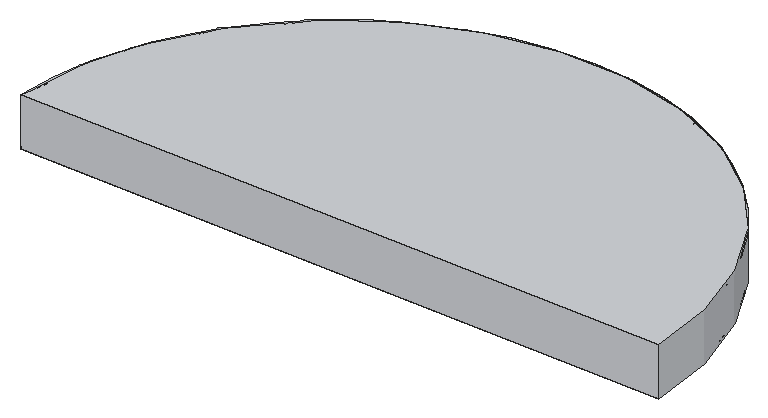
Revit family "FK071-40x20x3-Z", category Furniture, Revit 2019
Family settings
  OmniClass Number = 23.40.20.00
  OmniClass Title = General Furniture and Specialties
  Work Plane-Based = No
  Always vertical = Yes
  Cut with Voids When Loaded = No
  Shared = No
  Room Calculation Point = No
Parameters (values of type "FK071-40x20x3-Z")
  URL = "https://fomcore.com/"
  Type Comments = "Lotus Series"  # constant formula
  Side = none
  Seat = none
  Model = "FK071-40x20x3-Z"
  Manufacturer = "Fomcore"  # constant formula
  Description = "3\" Half Moon Floor Pad, 40\"Lx20\"Wx3\"H, Zippered (Minimum Order of 10 Quantity)"
Reference planes (in)
  plane 1 "Center Front/Back": y = 0
  plane 2: z = 0
  plane 3 "Center Left/Right": x = 0
Forms (in)
  Blend 1, solid, material <- "Seat"
    base sketch origin (0, 0, 0) x (1, 0, 0) y (0, 1, 0)
      loop
        line (-20, -10.16691) -> (20, -10.16691)
        arc (20, -10.16691) -> (0, 9.83308) -> (-20, -10.16691) r 20
    top sketch origin (0, 0, 0) x (1, 0, 0) y (0, 1, 0)
      loop
        line (-19.69692, -9.86613) -> (19.69692, -9.86613)
        arc (19.69692, -9.86613) -> (0, 9.5323) -> (-19.69692, -9.86613) r 19.69922
    from 3 to 2.8811
  Blend 2, solid, material <- "Seat"
    base sketch origin (0, 0, 3) x (0, -1, 0) y (1, 0, 0)
      loop
        line (10.16691, -20) -> (10.16691, 20)
        arc (10.16691, 20) -> (-9.83308, 0) -> (10.16691, -20) r 20
    top sketch origin (0, 0, 3) x (0, -1, 0) y (1, 0, 0)
      loop
        line (9.86613, -19.69692) -> (9.86613, 19.69692)
        arc (9.86613, 19.69692) -> (-9.5323, 0) -> (9.86613, -19.69692) r 19.69922
    from -3 to -2.90715
  Sweep 3, solid, material <- "Side"
    path origin (0, 0, 0) x (1, 0, 0) y (0, 1, 0)
      loop
        line (-20, -10.16691) -> (20, -10.16691)
        arc (20, -10.16691) -> (0, 9.83308) -> (-20, -10.16691) r 20
    profile origin (0, -10.16691, 0) x (0, 1, 0) y (0, 0, 1)
      loop
        line (0, 0) -> (0.05812, 0.25765) -> (0.05812, 2.78309) -> (0, 3) -> (0, 0)
Dimensions and locks (in)
  aligned and locked: level to plane 2
